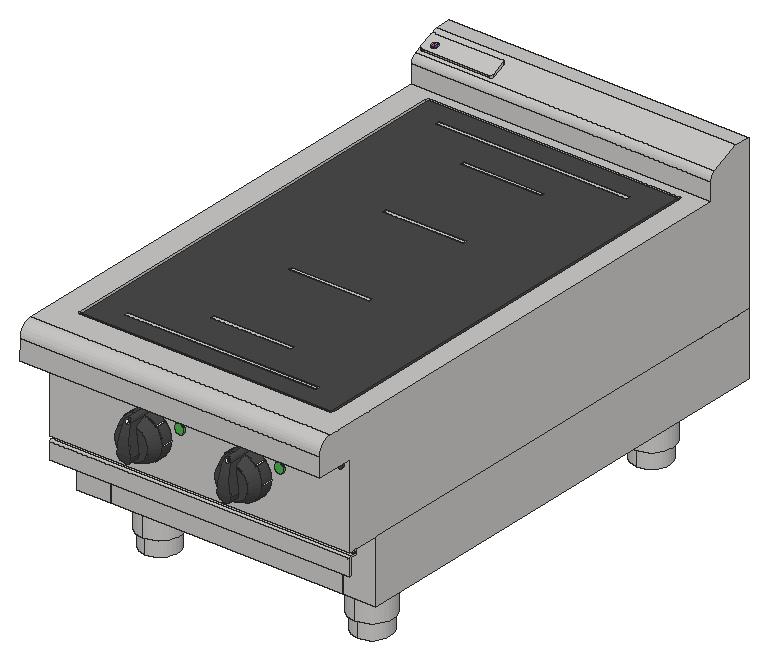
Revit family "QF_Moffat_INL8200F-B_Induction_Cooktop_cat", category Specialty Equipment, Revit 2019
Family settings
  Round Connector Dimension = Use Diameter
  Part Type = Normal
  Work Plane-Based = No
  Always vertical = Yes
  Cut with Voids When Loaded = No
  Shared = No
  Room Calculation Point = No
Parameters (values of type "INL8200F-B_415/60/3")
  Weight in Kilograms = 88
  Watts = 10000 W
  Volts = 415 V
  URL Cutsheet = ""
  Specification by User = ""
  Specification by Manufacturer = ""
  Show Logo [instance] = yes
  Serial Number = ""
  Seismic Rating = ""
  SMACNA No = ""
  Revision Code = ""
  Phase = 3
  Number of Poles = 1
  NAFEM Spec ID Number = ""
  Model = "INL8200F-B"
  Min Ckt Ampacity = 0 A
  Max Overcurrent Protection = 0 A
  Masterspec = ""
  Manufacturer = "Moffat"
  Length = 450 mm
  Item Number = ""
  Installed By = ""
  Identify Quantity as Lot = yes
  Height = 410 mm
  HP = ""
  Furnished By = ""
  Foodservice Equipment Identifier = yes
  FL Amps = 14 A
  Electrical Remarks = ""
  Electric Connection Type = ""
  Elec Conn RI Height = 0 mm
  Elec Conn Connection Height = 0 mm
  Description = "Induction Cooktop"
  Depth = 805 mm
  Cycle = 60 Hz
  Conn Plug = ""
  Conn Conduit = yes
  CSI MasterFormat = ""
  Apparent Power = if(Phase = 3, Volts * FL Amps * 1.73, Volts * FL Amps)  # 10051.3 VA
Types (2, lengths in mm): name | Volts | Cycle | Apparent Power
  INL8200F-B_415/60/3 | 415 V | 60 Hz | 10051.3 VA
  INL8200F-B_400/50/3 | 400 V | 50 Hz | 9688 VA
Reference planes
  plane 1 "BACK": y = 0
  plane 2: z = 0
  plane 3 "LEFT": x = 0
  plane 4 "RIGHT": x = 450
  plane 5 "FRONT": y = -805
  plane 6 "TOP": z = 410
  plane 7 "Center Y": x = 225
  plane 8 "Center X": y = -402.5
  plane 9: x = 65.5
  plane 10: x = 384.5
  plane 11: y = -30
  plane 12: x = 320
  plane 13: z = 85
  plane 14: y = -100
  plane 15: y = -625
  plane 16: y = -70
  plane 17: z = 355
  plane 18: z = 75
Forms (mm)
  Extrusion 1, solid, material "QF_Metal_Stainless_Polished"
    sketch origin (0, 0, 0) x (0, 1, 0) y (0, 0, 1)
      loop
        line (0, 180) -> (0, 410) -> (-23.147, 410) -> (-62.316, 393.374)
        arc (-62.316, 393.374) -> (-67.905, 388.725) -> (-70, 381.764) r 12.612
        line (-70, 381.764) -> (-70, 355) -> (-784.417, 355)
        arc (-784.417, 355) -> (-798.971, 348.971) -> (-805, 334.417) r 20.583
        line (-805, 334.417) -> (-805, 305) -> (-749, 305) -> (-749, 180) -> (0, 180)
    from 0 to 450
  Extrusion 2, void
    sketch origin (0, -784.417, 355) x (0, 1, 0) y (-1, 0, 0)
      loop
        arc (699.588, -42.349) -> (697.83, -38.106) -> (693.588, -36.349) r 6
        line (693.588, -36.349) -> (45.492, -36.349)
        arc (45.492, -36.349) -> (41.249, -38.106) -> (39.492, -42.349) r 6
        line (39.492, -42.349) -> (39.492, -413.677)
        arc (39.492, -413.677) -> (41.249, -417.92) -> (45.492, -419.677) r 6
        line (45.492, -419.677) -> (693.588, -419.677)
        arc (693.588, -419.677) -> (697.83, -417.92) -> (699.588, -413.677) r 6
        line (699.588, -413.677) -> (699.588, -42.349)
    from 0 to -9.5
  Extrusion 3, solid, material "QF_Plastic_Black_Smooth"
    sketch origin (0, -784.417, 355) x (0, 1, 0) y (-1, 0, 0)
      loop
        line (695.588, -413.677) -> (695.588, -42.349)
        arc (695.588, -42.349) -> (695.002, -40.935) -> (693.588, -40.349) r 2
        line (693.588, -40.349) -> (45.492, -40.349)
        arc (45.492, -40.349) -> (44.078, -40.935) -> (43.492, -42.349) r 2
        line (43.492, -42.349) -> (43.492, -413.677)
        arc (43.492, -413.677) -> (44.078, -415.091) -> (45.492, -415.677) r 2
        line (45.492, -415.677) -> (693.588, -415.677)
        arc (693.588, -415.677) -> (695.002, -415.091) -> (695.588, -413.677) r 2
      loop
        line (663.691, -368.576) -> (663.691, -81.424) -> (657.691, -81.424) -> (657.691, -368.576) -> (663.691, -368.576)
      loop
        line (600.917, -165) -> (600.917, -285) -> (606.917, -285) -> (606.917, -165) -> (600.917, -165)
      loop
        line (454.667, -165) -> (454.667, -285) -> (460.667, -285) -> (460.667, -165) -> (454.667, -165)
      loop
        line (277.974, -165) -> (277.974, -285) -> (283.974, -285) -> (283.974, -165) -> (277.974, -165)
      loop
        line (79.085, -368.576) -> (79.085, -81.424) -> (73.085, -81.424) -> (73.085, -368.576) -> (79.085, -368.576)
      loop
        line (130.651, -165) -> (130.651, -285) -> (136.651, -285) -> (136.651, -165) -> (130.651, -165)
    from 0 to -9.5
  Extrusion 4, solid, material "QF_Metal_Stainless_Polished"
    sketch origin (0, 0, 40) x (0, 1, 0) y (0, 0, 1)
      loop
        line (-739.467, 140) -> (-738.192, 134.838)
        arc (-738.192, 134.838) -> (-738.307, 134.302) -> (-738.799, 134.063) r 0.625
        line (-738.799, 134.063) -> (-746.111, 134.063)
        arc (-746.111, 134.063) -> (-748.011, 133.276) -> (-748.797, 131.377) r 2.686
        line (-748.797, 131.377) -> (-748.797, 107.627) -> (-747.197, 107.627) -> (-747.197, 131.242)
        arc (-747.197, 131.242) -> (-746.84, 132.105) -> (-745.976, 132.463) r 1.221
        line (-745.976, 132.463) -> (-738.755, 132.463)
        arc (-738.755, 132.463) -> (-737.028, 133.304) -> (-736.625, 135.182) r 2.194
        line (-736.625, 135.182) -> (-737.815, 140) -> (-739.467, 140)
    from 0 to 450
  Extrusion 5, solid, material "QF_Plastic_Black_Smooth"
    sketch origin (0, -749, 181.875) x (0, 0, 1) y (-1, 0, 0)
      loop
        circle (112.843, -13.157) r 5
      loop
        circle (112.843, -436.843) r 5
    from 0 to 1.6
  Extrusion 6, solid, material "QF_Metal_Stainless_Polished"
    sketch origin (0, -699, 85) x (0, 1, 0) y (1, 0, 0)
      loop
        circle (669, 320) r 6.35
    from 0 to 10
  Extrusion 7, solid, material "QF_Metal_Stainless_Polished"
    sketch origin (0, -699, 85) x (1, 0, 0) y (0, -1, 0)
      loop
        line (0, -699) -> (450, -699) -> (450, 0) -> (399.2, 0) -> (399.2, -25.4) -> (50.8, -25.4) -> (50.8, 0) -> (0, 0) -> (0, -699)
    from 0 to -95
  Extrusion 8, solid, material "QF_Metal_Stainless_Polished"
    sketch origin (50.8, -30, 85) x (0, 1, 0) y (0, 0, 1)
      loop
        line (-669, 0) -> (-643.6, 0) -> (-643.6, 26.45) -> (-669, 26.45) -> (-669, 0)
      loop
        line (-669, 32.45) -> (-643.6, 32.45) -> (-643.6, 66.4) -> (-669, 66.4) -> (-669, 32.45)
      loop
        line (-669, 67.4) -> (-643.6, 67.4) -> (-643.6, 95) -> (-669, 95) -> (-669, 67.4)
    from 0 to 348.4
  Revolve 9, solid, material "QF_Metal_Stainless_Polished"
    sketch origin (65.5, -4572, -304.8) x (0, 0, -1) y (0, -1, 0)
      loop
        line (-304.8, -4499.5) -> (-304.8, -4472) -> (-389.8, -4472) -> (-389.8, -4503.75) -> (-329.8, -4503.75) -> (-329.8, -4499.5) -> (-304.8, -4499.5)
      axis (-389.8, -4472) -> (-304.8, -4472)
    angle from 0 to 360
  Revolve 10, solid, material "QF_Metal_Stainless_Polished"
    sketch origin (65.5, -4572, -304.8) x (0, 0, -1) y (0, -1, 0)
      loop
        line (-304.8, -3974.5) -> (-304.8, -3947) -> (-389.8, -3947) -> (-389.8, -3978.75) -> (-329.8, -3978.75) -> (-329.8, -3974.5) -> (-304.8, -3974.5)
      axis (-389.8, -3947) -> (-304.8, -3947)
    angle from 0 to 360
  Revolve 11, solid, material "QF_Metal_Stainless_Polished"
    sketch origin (384.5, -4572, -304.8) x (0, 0, -1) y (0, 1, 0)
      loop
        line (-304.8, 4499.5) -> (-329.8, 4499.5) -> (-329.8, 4503.75) -> (-389.8, 4503.75) -> (-389.8, 4472) -> (-304.8, 4472) -> (-304.8, 4499.5)
      axis (-389.8, 4472) -> (-304.8, 4472)
    angle from 0 to 360
  Revolve 12, solid, material "QF_Metal_Stainless_Polished"
    sketch origin (384.5, -4572, -304.8) x (0, 0, -1) y (0, 1, 0)
      loop
        line (-304.8, 3974.5) -> (-329.8, 3974.5) -> (-329.8, 3978.75) -> (-389.8, 3978.75) -> (-389.8, 3947) -> (-304.8, 3947) -> (-304.8, 3974.5)
      axis (-389.8, 3947) -> (-304.8, 3947)
    angle from 0 to 360
  Extrusion 13, solid, material "QF_Metal_Stainless_Polished"
    sketch origin (0, 0, 0) x (1, 0, 0) y (0, 1, 0)
      loop
        line (368.576, -126.726) -> (368.576, -120.726) -> (81.424, -120.726) -> (81.424, -126.726) -> (368.576, -126.726)
      loop
        line (285, -183.5) -> (285, -177.5) -> (165, -177.5) -> (165, -183.5) -> (285, -183.5)
      loop
        line (285, -329.75) -> (285, -323.75) -> (165, -323.75) -> (165, -329.75) -> (285, -329.75)
      loop
        line (165, -500.443) -> (165, -506.443) -> (285, -506.443) -> (285, -500.443) -> (165, -500.443)
      loop
        line (165, -647.766) -> (165, -653.766) -> (285, -653.766) -> (285, -647.766) -> (165, -647.766)
      loop
        line (81.424, -705.333) -> (81.424, -711.333) -> (368.576, -711.333) -> (368.576, -705.333) -> (81.424, -705.333)
    from 355 to 345.5
  Extrusion 14, solid, material "QF_Paint_Green"
    sketch origin (63.231, -748.999, 157.5) x (0, 0, 1) y (-1, 0, 0)
      loop
        circle (100.3, -282.5) r 7.15
    from 0 to 1.6
  Extrusion 15, solid, material "QF_Plastic_Black_Smooth"
    sketch origin (75, -748.999, 169.375) x (0, 0, 1) y (-1, 0, 0)
      loop
        circle (112.843, -225) r 5
    from 0 to 1.6
  Extrusion 16, solid, material "QF_Paint_Green"
    sketch origin (-86.769, -748.999, 157.5) x (0, 0, 1) y (-1, 0, 0)
      loop
        circle (100.3, -282.5) r 7.15
    from 0 to 1.6
  Extrusion 17, solid, material "QF_Plastic_Black_Smooth"
    sketch origin (-75, -748.999, 169.375) x (0, 0, 1) y (-1, 0, 0)
      loop
        circle (112.843, -225) r 5
    from 0 to 1.6
Cuts and joins
  Extrusion 2 cuts Extrusion 1
Lines and regions (mm)
  symbolic lines
    curve 1: line (0, 0, 0) -> (450, 0, 0)
    curve 2: line (0, -805, 0) -> (0, 0, 0)
    curve 3: line (450, -805, 0) -> (0, -805, 0)
    curve 4: line (450, 0, 0) -> (450, -805, 0)
    curve 5: line (0, -70, 0) -> (450, -70, 0)
    curve 6: line (42.349, -84.83, 0) -> (413.677, -84.83, 0)
    curve 7: arc (413.677, -84.83, 0) -> (417.92, -86.587, 0) -> (419.677, -90.83, 0) r 6
    curve 8: line (419.677, -90.83, 0) -> (419.677, -738.926, 0)
    curve 9: arc (419.677, -738.926, 0) -> (417.92, -743.168, 0) -> (413.677, -744.926, 0) r 6
    curve 10: line (413.677, -744.926, 0) -> (42.349, -744.926, 0)
    curve 11: arc (42.349, -744.926, 0) -> (38.106, -743.168, 0) -> (36.349, -738.926, 0) r 6
    curve 12: line (36.349, -738.926, 0) -> (36.349, -90.83, 0)
    curve 13: arc (36.349, -90.83, 0) -> (38.106, -86.587, 0) -> (42.349, -84.83, 0) r 6
    curve 14: line (413.677, -88.83, 0) -> (42.349, -88.83, 0)
    curve 15: arc (42.349, -88.83, 0) -> (40.935, -89.415, 0) -> (40.349, -90.83, 0) r 2
    curve 16: line (40.349, -90.83, 0) -> (40.349, -738.926, 0)
    curve 17: arc (40.349, -738.926, 0) -> (40.935, -740.34, 0) -> (42.349, -740.926, 0) r 2
    curve 18: line (42.349, -740.926, 0) -> (413.677, -740.926, 0)
    curve 19: arc (413.677, -740.926, 0) -> (415.091, -740.34, 0) -> (415.677, -738.926, 0) r 2
    curve 20: line (415.677, -738.926, 0) -> (415.677, -90.83, 0)
    curve 21: arc (415.677, -90.83, 0) -> (415.091, -89.415, 0) -> (413.677, -88.83, 0) r 2
    curve 22: line (0, -23.147, 0) -> (450, -23.147, 0)
    curve 23: line (81.424, -711.333, 0) -> (368.576, -711.333, 0)
    curve 24: line (368.576, -711.333, 0) -> (368.576, -705.333, 0)
    curve 25: line (368.576, -705.333, 0) -> (81.424, -705.333, 0)
    curve 26: line (81.424, -705.333, 0) -> (81.424, -711.333, 0)
    curve 27: line (165, -653.766, 0) -> (285, -653.766, 0)
    curve 28: line (285, -653.766, 0) -> (285, -647.766, 0)
    curve 29: line (285, -647.766, 0) -> (165, -647.766, 0)
    curve 30: line (165, -647.766, 0) -> (165, -653.766, 0)
    curve 31: line (165, -500.443, 0) -> (285, -500.443, 0)
    curve 32: line (285, -506.443, 0) -> (165, -506.443, 0)
    curve 33: line (165, -506.443, 0) -> (165, -500.443, 0)
    curve 34: line (285, -500.443, 0) -> (285, -506.443, 0)
    curve 35: line (285, -323.75, 0) -> (165, -323.75, 0)
    curve 36: line (165, -323.75, 0) -> (165, -329.75, 0)
    curve 37: line (165, -329.75, 0) -> (285, -329.75, 0)
    curve 38: line (285, -329.75, 0) -> (285, -323.75, 0)
    curve 39: line (165, -183.5, 0) -> (285, -183.5, 0)
    curve 40: line (285, -183.5, 0) -> (285, -177.5, 0)
    curve 41: line (285, -177.5, 0) -> (165, -177.5, 0)
    curve 42: line (165, -177.5, 0) -> (165, -183.5, 0)
    curve 43: line (81.424, -126.726, 0) -> (368.576, -126.726, 0)
    curve 44: line (368.576, -126.726, 0) -> (368.576, -120.726, 0)
    curve 45: line (368.576, -120.726, 0) -> (81.424, -120.726, 0)
    curve 46: line (81.424, -120.726, 0) -> (81.424, -126.726, 0)
Dimensions and locks
  equal spacing: plane 3 "LEFT", plane 7 "Center Y", plane 4 "RIGHT"
  "Length": plane 3 "LEFT" to plane 4 "RIGHT"
  equal spacing: plane 5 "FRONT", plane 8 "Center X", plane 1 "BACK"
  "Depth": plane 5 "FRONT" to plane 1 "BACK"
  "Height": plane 6 "TOP" to level
  plane 9 to plane 10 = 319 mm
  plane 4 "RIGHT" to plane 3 "LEFT" = 450 mm
  plane 1 "BACK" to plane 5 "FRONT" = 805 mm
  plane 6 "TOP" to plane 2 = 410 mm
  locked: plane 12 to plane 4 "RIGHT" at 130
  plane 1 "BACK" to plane 11 = 30 mm
  plane 1 "BACK" to plane 14 to plane 15 = 100 mm, 525 mm
  plane 1 "BACK" to plane 16 = 70 mm
  plane 17 to level = 355 mm
  level to plane 13 = 85 mm
  plane 18 to level = 75 mm
  plane 12 to plane 4 "RIGHT" = 130 mm
  aligned and locked: level to plane 2
  aligned and locked: Extrusion 3 to Extrusion 13
Automatic sketch dimensions
  Extrusion 2 sketch curve to Extrusion 1 = 39.492 mm
  Extrusion 2 sketch curve to Extrusion 2 sketch curve = 6 mm  (x3)
  Extrusion 1 to Extrusion 2 sketch curve = 20.83 mm  (x2)
  Extrusion 1 to Extrusion 2 sketch curve = 30.323 mm
  Extrusion 1 to Extrusion 2 sketch curve = 42.349 mm
  Extrusion 3 sketch curve to Extrusion 1 = 43.492 mm
  Extrusion 3 sketch curve to Extrusion 3 sketch curve = 2 mm  (x3)
  Extrusion 3 sketch curve to Extrusion 3 sketch curve = 27.593 mm
  Extrusion 3 sketch curve to Extrusion 3 sketch curve = 6 mm  (x6)
  Extrusion 3 sketch curve to Extrusion 3 sketch curve = 51.566 mm
  Extrusion 3 sketch curve to Extrusion 3 sketch curve = 141.323 mm
  Extrusion 3 sketch curve to Extrusion 3 sketch curve = 170.693 mm
  Extrusion 1 to Extrusion 3 sketch curve = 113.5 mm
  Extrusion 1 to Extrusion 3 sketch curve = 56.726 mm
  Extrusion 1 to Extrusion 3 sketch curve = 20.83 mm  (x2)
  Extrusion 1 to Extrusion 3 sketch curve = 34.323 mm
  Extrusion 3 sketch curve to Extrusion 3 sketch curve = 45.101 mm  (x2)
  Extrusion 1 to Extrusion 3 sketch curve = 165 mm  (x2)
  Extrusion 3 sketch curve to Extrusion 3 sketch curve = 83.576 mm  (x2)
  Extrusion 3 sketch curve to Extrusion 3 sketch curve = 120 mm  (x4)
  Extrusion 1 to Extrusion 3 sketch curve = 81.424 mm  (x2)
  Extrusion 1 to Extrusion 3 sketch curve = 42.349 mm
  Extrusion 4 sketch curve to plane 5 "FRONT" = 56.203 mm
  Extrusion 4 sketch curve to Extrusion 4 sketch curve = 1.6 mm
  Extrusion 4 sketch curve to Extrusion 4 sketch curve = 1.086 mm
  Extrusion 4 sketch curve to Extrusion 4 sketch curve = 0.135 mm  (x2)
  Extrusion 4 sketch curve to Extrusion 4 sketch curve = 6.644 mm
  Extrusion 4 sketch curve to Extrusion 4 sketch curve = 0.668 mm
  Extrusion 4 sketch curve to Extrusion 4 sketch curve = 0.044 mm
  Extrusion 4 sketch curve to Extrusion 4 sketch curve = 0.563 mm
  Extrusion 4 sketch curve to Extrusion 4 sketch curve = 1.652 mm
  Extrusion 4 sketch curve to Extrusion 4 sketch curve = 1.567 mm
  Extrusion 4 sketch curve to plane 13 = 62.627 mm
  Extrusion 4 sketch curve to Extrusion 4 sketch curve = 23.614 mm
  Extrusion 4 sketch curve to Extrusion 4 sketch curve = 0.594 mm
  Extrusion 4 sketch curve to Extrusion 4 sketch curve = 0.032 mm
  Extrusion 4 sketch curve to Extrusion 4 sketch curve = 5.162 mm
  Extrusion 1 to Extrusion 5 sketch curve = 10.282 mm  (x2)
  Extrusion 1 to Extrusion 5 sketch curve = 13.157 mm  (x2)
  Extrusion 7 to Extrusion 6 sketch curve = 30 mm
  Extrusion 6 sketch curve to Extrusion 7 = 79.2 mm
  plane 1 "BACK" to Extrusion 7 sketch curve = 0 mm
  Extrusion 7 sketch curve to plane 3 "LEFT" = 0 mm
  Extrusion 7 sketch curve to plane 4 "RIGHT" = 0 mm
  plane 9 to Extrusion 7 sketch curve = 14.7 mm
  Extrusion 7 sketch curve to plane 10 = 14.7 mm
  plane 15 to Extrusion 7 sketch curve = 48.6 mm
  Extrusion 7 sketch curve to Extrusion 7 sketch curve = 25.4 mm  (x2)
  Extrusion 8 sketch curve to Extrusion 7 = 0 mm  (x8)
  Extrusion 7 to Extrusion 8 sketch curve = 26.45 mm
  Extrusion 8 sketch curve to Extrusion 8 sketch curve = 6 mm
  Extrusion 7 to Extrusion 8 sketch curve = 28.6 mm
  Extrusion 8 sketch curve to Extrusion 8 sketch curve = 1 mm
  plane 13 to Revolve 9 sketch curve = 0 mm
  Revolve 9 sketch curve to level = 0 mm  (x2)
  Revolve 9 sketch curve to plane 14 = 0 mm  (x2)
  plane 16 to Revolve 9 sketch curve = 2.5 mm
  level to Revolve 9 sketch curve = 25 mm
  Revolve 9 sketch curve to plane 16 = 1.75 mm
  Revolve 9 sketch curve to Revolve 9 sketch curve = 25 mm
  plane 13 to Revolve 10 sketch curve = 0 mm
  Revolve 10 sketch curve to level = 0 mm  (x2)
  Revolve 10 sketch curve to plane 15 = 0 mm  (x2)
  level to Revolve 10 sketch curve = 25 mm
  Revolve 10 sketch curve to Revolve 10 sketch curve = 27.5 mm
  Revolve 10 sketch curve to Revolve 10 sketch curve = 31.75 mm
  Revolve 10 sketch curve to Revolve 10 sketch curve = 25 mm
  plane 13 to Revolve 11 sketch curve = 0 mm
  Revolve 11 sketch curve to level = 0 mm  (x2)
  Revolve 11 sketch curve to plane 14 = 0 mm  (x2)
  plane 16 to Revolve 11 sketch curve = 2.5 mm
  level to Revolve 11 sketch curve = 25 mm
  Revolve 11 sketch curve to plane 16 = 1.75 mm
  Revolve 11 sketch curve to Revolve 11 sketch curve = 25 mm
  plane 13 to Revolve 12 sketch curve = 0 mm
  Revolve 12 sketch curve to level = 0 mm  (x2)
  Revolve 12 sketch curve to plane 15 = 0 mm  (x2)
  level to Revolve 12 sketch curve = 25 mm
  Revolve 12 sketch curve to plane 15 = 27.5 mm
  Revolve 12 sketch curve to Revolve 12 sketch curve = 4.25 mm
  Revolve 12 sketch curve to Revolve 12 sketch curve = 25 mm
  Extrusion 13 sketch curve to plane 9 = 15.924 mm  (x2)
  plane 15 to Extrusion 13 sketch curve = 22.766 mm
  Extrusion 13 sketch curve to plane 7 "Center Y" = 60 mm  (x4)
  plane 12 to Extrusion 13 sketch curve = 35 mm  (x4)
  plane 10 to Extrusion 13 sketch curve = 15.924 mm  (x2)
  Extrusion 13 sketch curve to Extrusion 13 sketch curve = 6 mm  (x6)
  plane 15 to Extrusion 13 sketch curve = 80.333 mm
  Extrusion 13 sketch curve to plane 8 "Center X" = 103.943 mm
  plane 8 "Center X" to Extrusion 13 sketch curve = 72.75 mm
  plane 14 to Extrusion 13 sketch curve = 83.5 mm
  plane 14 to Extrusion 13 sketch curve = 26.726 mm
  Extrusion 14 sketch curve to plane 12 = 25.731 mm
  Extrusion 14 sketch curve to plane 17 = 97.2 mm
  plane 12 to Extrusion 15 sketch curve = 20 mm
  Extrusion 15 sketch curve to plane 17 = 72.782 mm
  Extrusion 16 sketch curve to plane 7 "Center Y" = 29.269 mm
  Extrusion 16 sketch curve to plane 17 = 97.2 mm
  Extrusion 17 sketch curve to plane 17 = 72.782 mm
  Extrusion 17 sketch curve to plane 7 "Center Y" = 75 mm
  Extrusion 1 sketch curve to plane 5 "FRONT" = 0 mm
  Extrusion 1 sketch curve to plane 17 = 0 mm
  Extrusion 1 sketch curve to plane 16 = 0 mm
  Extrusion 1 sketch curve to plane 6 "TOP" = 0 mm
  Extrusion 1 sketch curve to plane 1 "BACK" = 0 mm
  Extrusion 1 sketch curve to Extrusion 1 sketch curve = 20.583 mm
  Extrusion 1 sketch curve to Extrusion 1 sketch curve = 35.417 mm
  Extrusion 1 sketch curve to plane 16 = 7.684 mm
  Extrusion 1 sketch curve to Extrusion 1 sketch curve = 12.612 mm
  Extrusion 1 sketch curve to plane 11 = 6.853 mm
  Extrusion 1 sketch curve to Extrusion 1 sketch curve = 29.417 mm
  Extrusion 1 sketch curve to plane 13 = 95 mm
  plane 17 to Extrusion 1 sketch curve = 26.764 mm
  curve 7 to curve 21 = 0 mm  (x2)
  curve 9 to curve 19 = 0 mm  (x2)
  curve 11 to curve 17 = 0 mm  (x2)
  curve 13 to curve 15 = 0 mm  (x2)
  plane 1 "BACK" to curve 1 = 0 mm
  curve 1 to plane 3 "LEFT" = 0 mm
  curve 1 to plane 4 "RIGHT" = 0 mm
  plane 5 "FRONT" to curve 4 = 0 mm
  plane 16 to curve 5 = 0 mm
  plane 9 to curve 12 = 29.151 mm
  curve 11 to curve 16 = 4 mm
  curve 16 to curve 14 = 2 mm
  curve 17 to curve 17 = 2 mm
  curve 43 to plane 9 = 15.924 mm
  curve 23 to plane 9 = 15.924 mm
  curve 33 to plane 7 "Center Y" = 60 mm
  plane 15 to curve 27 = 28.766 mm
  curve 27 to plane 7 "Center Y" = 60 mm
  curve 41 to plane 7 "Center Y" = 60 mm
  curve 37 to plane 7 "Center Y" = 60 mm
  plane 12 to curve 35 = 35 mm
  plane 12 to curve 34 = 35 mm
  plane 12 to curve 39 = 35 mm
  plane 12 to curve 27 = 35 mm
  plane 10 to curve 44 = 15.924 mm
  plane 10 to curve 25 = 15.924 mm
  curve 7 to plane 14 = 9.17 mm
  curve 7 to plane 10 = 29.177 mm
  curve 9 to plane 10 = 29.177 mm
  curve 9 to curve 20 = 2 mm
  curve 10 to plane 5 "FRONT" = 60.074 mm
  curve 11 to curve 26 = 27.593 mm
  curve 23 to curve 25 = 6 mm
  curve 27 to curve 30 = 6 mm
  curve 32 to plane 8 "Center X" = 103.943 mm
  curve 32 to curve 31 = 6 mm
  plane 8 "Center X" to curve 38 = 72.75 mm
  curve 36 to curve 36 = 6 mm
  plane 14 to curve 39 = 83.5 mm
  curve 39 to curve 42 = 6 mm
  plane 14 to curve 44 = 26.726 mm
  curve 43 to curve 44 = 6 mm
  curve 22 to plane 11 = 6.853 mm
  radius of Extrusion 5 sketch curve = 5 mm  (x2)
  radius of Extrusion 6 sketch curve = 6.35 mm
  radius of Extrusion 14 sketch curve = 7.15 mm
  radius of Extrusion 15 sketch curve = 5 mm
  radius of Extrusion 16 sketch curve = 7.15 mm
  radius of Extrusion 17 sketch curve = 5 mm
Nested families
  nested 1: "Knob" at (267.5, -739.499, 204.5), type "Knob"
  nested 2: "Knob" at (117.5, -739.499, 204.5), type "Knob"
  nested 3: "QF_LOGO_Waldorf1" at (2, -56.925, 395.662), visible <- "Show Logo", type "QF_LOGO_Waldorf 2"
Connectors
  electrical at (320, -30, 75), driven by "Volts", driven by "Watts"
    settings: on Extrusion 6, index 3, voltage 415 V, apparent load 10000 VA, apparent load phase1 0 VA, apparent load phase2 0 VA, apparent load phase3 0 VA, power factor 1, load classification "Other", number of poles 1, system type 30, power factor state 1, is connector primary yes, connector utility no, sub classification motor no, connector description ""
Definition of nested family "Knob"
  Parameters (values of type "Knob")
    Weight in Pounds = 0
    URL Cutsheet = ""
    Specification by User = ""
    Specification by Manufacturer = ""
    Serial Number = ""
    Seismic Rating = ""
    SMACNA No = ""
    Revision Code = ""
    NAFEM Spec ID Number = ""
    Masterspec = ""
    Length = 65 mm
    Item Number = ""
    Installed By = ""
    Identify Quantity as Lot = yes
    Height = 69.5 mm
    Furnished By = ""
    Foodservice Equipment Identifier = yes
    Depth = 59 mm
    CSI MasterFormat = ""
  Reference planes
    plane 1 "BACK": y = 0
    plane 2: z = 0
    plane 3 "LEFT": x = 0
    plane 4 "RIGHT": x = 65
    plane 5 "FRONT": y = -59
    plane 6 "TOP": z = 69.5
    plane 7 "Center Y": x = 32.5
    plane 8 "Center X": y = -29.5
  Forms (mm)
    Revolve 1, solid
      sketch origin (32.5, 175.397, 1219.2) x (0, 1, 0) y (0, 0, 1)
        loop
          line (-175.397, -1186.7) -> (-219.397, -1186.7) -> (-219.397, -1211.501) -> (-202.106, -1219.2) -> (-185.397, -1219.2) -> (-185.397, -1191.7) -> (-175.397, -1191.7) -> (-175.397, -1186.7)
        axis (-219.397, -1186.7) -> (-175.397, -1186.7)
      angle from 0 to 360
    Extrusion 2, solid
      sketch origin (32.5, 175.397, 1219.2) x (0, 1, 0) y (0, 0, 1)
        loop
          line (-202.106, -1154.2) -> (-185.397, -1154.2) -> (-185.397, -1149.7) -> (-224.105, -1149.7)
          arc (-224.105, -1149.7) -> (-233.965, -1178.467) -> (-230.696, -1208.7) r 70
          line (-230.696, -1208.7) -> (-219.397, -1208.7) -> (-219.397, -1161.899) -> (-202.106, -1154.2)
      from -15 to 15
    Extrusion 3, void
      sketch origin (0, 0, 0) x (1, 0, 0) y (0, 0, 1)
        loop
          line (27.501, 64.613) -> (22.02, 20.585)
          arc (22.02, 20.585) -> (32.792, 10.488) -> (42.986, 21.169) r 10.487
          line (42.986, 21.169) -> (37.499, 64.613)
          arc (37.499, 64.613) -> (32.5, 69.5) -> (27.501, 64.613) r 5
        loop
          line (10, 72.977) -> (10, 5.625) -> (55, 5.625) -> (55, 72.977) -> (10, 72.977)
      from 6.142 to 69.687
    Extrusion 4, solid
      sketch origin (0, -34.115, -16.916) x (1, 0, 0) y (0, 0.45399, 0.891007)
        loop
          circle (32.497, 65) r 2
      from 51.525 to 53.075
    Extrusion 5, solid
      sketch origin (32.5, -10, 32.5) x (0, 0, -1) y (-1, 0, 0)
        loop
          line (-23.54, -22.408) -> (-24.106, -22.974)
          arc (-24.106, -22.974) -> (-23.547, -23.547) -> (-22.974, -24.106) r 33.3
          line (-22.974, -24.106) -> (-22.408, -23.54)
          arc (-22.408, -23.54) -> (-22.981, -22.981) -> (-23.54, -22.408) r 32.5
        loop
          arc (-0.8, -33.29) -> (0, -33.3) -> (0.8, -33.29) r 33.3
          line (0.8, -33.29) -> (0.8, -32.49)
          arc (0.8, -32.49) -> (0, -32.5) -> (-0.8, -32.49) r 32.5
          line (-0.8, -32.49) -> (-0.8, -33.29)
        loop
          arc (23.54, -22.408) -> (22.981, -22.981) -> (22.408, -23.54) r 32.5
          line (22.408, -23.54) -> (22.974, -24.106)
          arc (22.974, -24.106) -> (23.547, -23.547) -> (24.106, -22.974) r 33.3
          line (24.106, -22.974) -> (23.54, -22.408)
        loop
          arc (-23.54, 22.408) -> (-22.981, 22.981) -> (-22.408, 23.54) r 32.5
          line (-22.408, 23.54) -> (-22.974, 24.106)
          arc (-22.974, 24.106) -> (-23.547, 23.547) -> (-24.106, 22.974) r 33.3
          line (-24.106, 22.974) -> (-23.54, 22.408)
        loop
          line (-0.8, 33.29) -> (-0.8, 32.49)
          arc (-0.8, 32.49) -> (0, 32.5) -> (0.8, 32.49) r 32.5
          line (0.8, 32.49) -> (0.8, 33.29)
          arc (0.8, 33.29) -> (0, 33.3) -> (-0.8, 33.29) r 33.3
        loop
          line (32.49, -0.8) -> (33.29, -0.8)
          arc (33.29, -0.8) -> (33.3, 0) -> (33.29, 0.8) r 33.3
          line (33.29, 0.8) -> (32.49, 0.8)
          arc (32.49, 0.8) -> (32.5, 0) -> (32.49, -0.8) r 32.5
        loop
          arc (24.106, 22.974) -> (23.547, 23.547) -> (22.974, 24.106) r 33.3
          line (22.974, 24.106) -> (22.408, 23.54)
          arc (22.408, 23.54) -> (22.981, 22.981) -> (23.54, 22.408) r 32.5
          line (23.54, 22.408) -> (24.106, 22.974)
      from 0 to -16.709
  Cuts and joins
    Extrusion 3 cuts Extrusion 2
  Dimensions and locks
    equal spacing: plane 3 "LEFT", plane 7 "Center Y", plane 4 "RIGHT"
    "Length": plane 3 "LEFT" to plane 4 "RIGHT"
    equal spacing: plane 5 "FRONT", plane 8 "Center X", plane 1 "BACK"
    "Depth": plane 5 "FRONT" to plane 1 "BACK"
    "Height": plane 6 "TOP" to level
    plane 4 "RIGHT" to plane 3 "LEFT" = 65 mm
    aligned and locked: level to plane 2
  Automatic sketch dimensions
    Revolve 1 sketch curve to level = 0 mm
    Revolve 1 sketch curve to plane 1 "BACK" = 0 mm  (x2)
    plane 1 "BACK" to Revolve 1 sketch curve = 10 mm
    plane 8 "Center X" to Revolve 1 sketch curve = 2.791 mm
    Revolve 1 sketch curve to plane 8 "Center X" = 14.5 mm
    level to Revolve 1 sketch curve = 7.699 mm
    level to Revolve 1 sketch curve = 27.5 mm
    Revolve 1 sketch curve to Revolve 1 sketch curve = 5 mm
    Revolve 1 sketch curve to Revolve 1 sketch curve = 35 mm
    Revolve 1 sketch curve to Revolve 1 sketch curve = 0 mm
    Extrusion 2 sketch curve to plane 6 "TOP" = 0 mm
    Extrusion 2 sketch curve to plane 5 "FRONT" = 3.702 mm
    Extrusion 2 sketch curve to plane 5 "FRONT" = 10.293 mm
    Extrusion 2 sketch curve to Extrusion 2 sketch curve = 11.298 mm
    plane 8 "Center X" to Extrusion 2 sketch curve = 2.791 mm
    plane 1 "BACK" to Extrusion 2 sketch curve = 10 mm
    Extrusion 2 sketch curve to plane 1 "BACK" = 11 mm
    Extrusion 2 sketch curve to plane 6 "TOP" = 4.5 mm
    Extrusion 2 sketch curve to plane 6 "TOP" = 12.199 mm
    level to Extrusion 2 sketch curve = 32.962 mm
    level to Extrusion 3 sketch curve = 5.625 mm
    Extrusion 3 sketch curve to plane 7 "Center Y" = 0 mm  (x2)
    Extrusion 3 sketch curve to plane 7 "Center Y" = 4.999 mm
    Extrusion 3 sketch curve to plane 7 "Center Y" = 10.48 mm
    plane 6 "TOP" to Extrusion 3 sketch curve = 3.477 mm
    plane 3 "LEFT" to Extrusion 3 sketch curve = 10 mm
    Extrusion 3 sketch curve to plane 6 "TOP" = 4.887 mm
    Extrusion 3 sketch curve to Extrusion 3 sketch curve = 4.999 mm
    plane 7 "Center Y" to Extrusion 3 sketch curve = 10.486 mm
    level to Extrusion 3 sketch curve = 20.585 mm
    Extrusion 3 sketch curve to Extrusion 3 sketch curve = 0.387 mm
    Extrusion 3 sketch curve to Extrusion 3 sketch curve = 0.113 mm
    plane 4 "RIGHT" to Extrusion 3 sketch curve = 10 mm
    Extrusion 5 sketch curve to Revolve 1 = 32.49 mm
    Revolve 1 to Extrusion 5 sketch curve = 32.49 mm
    Extrusion 5 sketch curve to Revolve 1 = 23.54 mm  (x2)
    Revolve 1 to Extrusion 5 sketch curve = 23.54 mm  (x2)
    Extrusion 5 sketch curve to Revolve 1 = 24.106 mm  (x2)
    Revolve 1 to Extrusion 5 sketch curve = 24.106 mm  (x2)
    Revolve 1 to Extrusion 5 sketch curve = 22.408 mm  (x2)
    Extrusion 5 sketch curve to Revolve 1 = 22.408 mm  (x2)
    Revolve 1 to Extrusion 5 sketch curve = 22.974 mm  (x2)
    Extrusion 5 sketch curve to Revolve 1 = 22.974 mm  (x2)
    Extrusion 5 sketch curve to Extrusion 5 sketch curve = 1.6 mm  (x2)
    Revolve 1 to Extrusion 5 sketch curve = 0.8 mm
    Extrusion 5 sketch curve to Revolve 1 = 0.8 mm
    Extrusion 4 sketch curve to plane 7 "Center Y" = 0.003 mm
    radius of Extrusion 5 sketch curve to Revolve 1 = 0 mm  (x7)
    radius of Revolve 1 to Extrusion 5 sketch curve = 0.8 mm  (x7)
    radius of Extrusion 4 sketch curve = 2 mm
Definition of nested family "QF_LOGO_Waldorf1"
  Parameters (values of type "QF_LOGO_Waldorf")
    Weight in Pounds = 0
    URL Cutsheet = ""
    Specification by User = ""
    Specification by Manufacturer = ""
    Serial Number = ""
    Seismic Rating = ""
    SMACNA No = ""
    Revision Code = ""
    NAFEM Spec ID Number = ""
    Masterspec = ""
    Length = 138 mm
    Item Number = ""
    Installed By = ""
    Identify Quantity as Lot = yes
    Height = 26.711 mm
    Furnished By = ""
    Foodservice Equipment Identifier = yes
    Depth = 3.175 mm
    CSI MasterFormat = ""
  Reference planes
    plane 1 "BACK": y = 0
    plane 2: z = 0
    plane 3 "LEFT": x = 0
    plane 4 "RIGHT": x = 138
    plane 5 "FRONT": y = -3.175
    plane 6 "TOP": z = 26.711
    plane 7 "Center Y": x = 69
    plane 8 "Center X": y = -1.587
  Forms (mm)
    Extrusion 1, solid
      sketch origin (0, 0, 0) x (1, 0, 0) y (0, 0.920505, 0.390731)
        loop
          line (109, 3.464) -> (109, 23.247)
          spline (109, 23.247) -> (108.966, 23.699) -> (108.864, 24.143) -> (108.696, 24.572) -> (108.464, 24.979) -> (108.173, 25.355) -> (107.828, 25.696) -> (107.435, 25.995) -> (107, 26.247) -> (106.531, 26.447) -> (106.035, 26.593) -> (105.522, 26.681) -> (105, 26.711)
          line (105, 26.711) -> (4, 26.711)
          spline (4, 26.711) -> (3.478, 26.681) -> (2.965, 26.593) -> (2.469, 26.447) -> (2, 26.247) -> (1.565, 25.995) -> (1.172, 25.696) -> (0.827, 25.355) -> (0.536, 24.979) -> (0.304, 24.572) -> (0.136, 24.143) -> (0.034, 23.699) -> (0, 23.247)
          line (0, 23.247) -> (0, 3.464)
          spline (0, 3.464) -> (0.034, 3.012) -> (0.136, 2.568) -> (0.304, 2.138) -> (0.536, 1.732) -> (0.827, 1.355) -> (1.172, 1.015) -> (1.565, 0.716) -> (2, 0.464) -> (2.469, 0.264) -> (2.965, 0.118) -> (3.478, 0.03) -> (4, 0)
          line (4, 0) -> (105, 0)
          spline (105, 0) -> (105.522, 0.03) -> (106.035, 0.118) -> (106.531, 0.264) -> (107, 0.464) -> (107.435, 0.716) -> (107.828, 1.015) -> (108.173, 1.355) -> (108.464, 1.732) -> (108.696, 2.138) -> (108.864, 2.568) -> (108.966, 3.012) -> (109, 3.464)
        loop
          line (14.75, 7.005) -> (14.75, 15.654)
          arc (14.75, 15.654) -> (10.425, 11.329) -> (14.75, 7.005) r 4.325
        loop
          line (15.25, 15.654) -> (15.25, 7.005)
          arc (15.25, 7.005) -> (19.575, 11.329) -> (15.25, 15.654) r 4.325
      from 0 to 3.2
    Extrusion 2, solid
      sketch origin (0, 0, 0) x (1, 0, 0) y (0, 0.920505, 0.390731)
        loop
          line (15.25, 15.654) -> (15.25, 7.005)
          arc (15.25, 7.005) -> (19.575, 11.329) -> (15.25, 15.654) r 4.325
      from 0 to 3.2
    Extrusion 3, solid
      sketch origin (16.271, 0, 0) x (-1, 0, 0) y (0, -0.920505, -0.390731)
        loop
          arc (1.521, -15.654) -> (5.846, -11.329) -> (1.521, -7.005) r 4.325
          line (1.521, -7.005) -> (1.521, -15.654)
      from 0 to 3.2
  Lines and regions (mm)
    Split face 1
      outline origin (0, -1.25, 2.946) x (1, 0, 0) y (0, 0.920505, 0.390731)
        loop
          spline (22.129, 16.975) -> (22.389, 15.984) -> (22.649, 15.002) -> (22.91, 14.028) -> (23.172, 13.065) -> (23.433, 12.11) -> (23.695, 11.166) -> (23.956, 10.232) -> (24.218, 9.308) -> (24.479, 8.396) -> (24.74, 7.495) -> (25, 6.605) -> (25.26, 5.728)
          line (25.26, 5.728) -> (29.463, 5.728)
          spline (29.463, 5.728) -> (29.582, 6.252) -> (29.701, 6.78) -> (29.82, 7.313) -> (29.939, 7.85) -> (30.058, 8.391) -> (30.178, 8.936) -> (30.297, 9.485) -> (30.416, 10.038) -> (30.536, 10.594) -> (30.655, 11.155) -> (30.775, 11.719) -> (30.894, 12.287)
          spline (30.894, 12.287) -> (31.018, 11.719) -> (31.142, 11.155) -> (31.266, 10.594) -> (31.39, 10.038) -> (31.514, 9.485) -> (31.638, 8.936) -> (31.762, 8.391) -> (31.885, 7.85) -> (32.009, 7.313) -> (32.133, 6.78) -> (32.256, 6.252) -> (32.379, 5.728)
          line (32.379, 5.728) -> (36.51, 5.728)
          spline (36.51, 5.728) -> (36.766, 6.605) -> (37.023, 7.495) -> (37.28, 8.396) -> (37.538, 9.308) -> (37.795, 10.232) -> (38.053, 11.166) -> (38.311, 12.11) -> (38.569, 13.065) -> (38.826, 14.028) -> (39.083, 15.002) -> (39.34, 15.984) -> (39.597, 16.975)
          line (39.597, 16.975) -> (35.637, 16.975)
          spline (35.637, 16.975) -> (35.523, 16.334) -> (35.41, 15.697) -> (35.296, 15.063) -> (35.182, 14.433) -> (35.068, 13.807) -> (34.954, 13.185) -> (34.84, 12.566) -> (34.726, 11.952) -> (34.612, 11.342) -> (34.497, 10.737) -> (34.383, 10.135) -> (34.269, 9.538)
          spline (34.269, 9.538) -> (34.138, 10.135) -> (34.008, 10.737) -> (33.877, 11.342) -> (33.746, 11.952) -> (33.616, 12.566) -> (33.485, 13.185) -> (33.354, 13.807) -> (33.224, 14.433) -> (33.093, 15.063) -> (32.963, 15.697) -> (32.833, 16.334) -> (32.703, 16.975)
          line (32.703, 16.975) -> (29.247, 16.975)
          spline (29.247, 16.975) -> (29.111, 16.334) -> (28.974, 15.697) -> (28.837, 15.063) -> (28.7, 14.433) -> (28.562, 13.807) -> (28.425, 13.185) -> (28.288, 12.566) -> (28.15, 11.952) -> (28.013, 11.342) -> (27.875, 10.737) -> (27.738, 10.135) -> (27.6, 9.538)
          spline (27.6, 9.538) -> (27.483, 10.135) -> (27.366, 10.737) -> (27.249, 11.342) -> (27.132, 11.952) -> (27.015, 12.566) -> (26.897, 13.185) -> (26.78, 13.807) -> (26.663, 14.433) -> (26.546, 15.063) -> (26.43, 15.697) -> (26.313, 16.334) -> (26.196, 16.975)
          line (26.196, 16.975) -> (22.129, 16.975)
    Split face 2
      outline origin (0, -1.25, 2.946) x (1, 0, 0) y (0, 0.920505, 0.390731)
        loop
          line (51.449, 5.728) -> (51.035, 6.606) -> (51.035, 11.169)
          spline (51.035, 11.169) -> (50.686, 12.42) -> (50.176, 13.224) -> (49.51, 13.708) -> (48.693, 13.995) -> (47.747, 14.152) -> (46.698, 14.207) -> (45.579, 14.186) -> (44.419, 14.114) -> (43.279, 13.929) -> (42.249, 13.481) -> (41.424, 12.614) -> (40.897, 11.169)
          line (40.897, 11.169) -> (44.617, 11.169) -> (44.988, 11.965)
          spline (44.988, 11.965) -> (47.294, 11.682) -> (46.856, 10.932) -> (45.527, 10.609) -> (43.858, 10.439) -> (42.259, 10.123) -> (41.078, 9.417) -> (40.563, 8.246) -> (40.689, 6.989) -> (41.407, 6.052) -> (42.774, 5.536) -> (44.847, 5.497) -> (47.306, 6.602)
          line (47.306, 6.602) -> (47.624, 5.728) -> (51.449, 5.728)
    Split face 3
      outline origin (0, -1.25, 2.946) x (1, 0, 0) y (0, 0.920505, 0.390731)
        loop
          line (47.264, 9.264) -> (44.938, 8.597)
          spline (44.938, 8.597) -> (44.508, 8.228) -> (44.402, 7.9) -> (44.548, 7.626) -> (44.877, 7.42) -> (45.317, 7.295) -> (45.797, 7.265) -> (46.252, 7.342) -> (46.65, 7.525) -> (46.971, 7.813) -> (47.194, 8.201) -> (47.298, 8.685) -> (47.264, 9.264)
    Split face 4
      outline origin (0, -1.25, 2.946) x (1, 0, 0) y (0, 0.920505, 0.390731)
        loop
          line (53.33, 16.975) -> (53.33, 5.728) -> (57.173, 5.728) -> (57.173, 16.975) -> (53.33, 16.975)
    Split face 5
      outline origin (0, -1.25, 2.946) x (1, 0, 0) y (0, 0.920505, 0.390731)
        loop
          line (65.795, 16.975) -> (65.795, 12.976)
          spline (65.795, 12.976) -> (63.839, 14.082) -> (62.087, 14.096) -> (60.633, 13.343) -> (59.574, 12.148) -> (58.99, 10.806) -> (58.867, 9.452) -> (59.156, 8.159) -> (59.81, 7) -> (60.786, 6.056) -> (62.111, 5.514) -> (63.868, 5.634) -> (66.137, 6.679)
          line (66.137, 6.679) -> (66.137, 5.728) -> (69.511, 5.728) -> (69.511, 16.975) -> (65.795, 16.975)
    Split face 6
      outline origin (0, -1.25, 2.946) x (1, 0, 0) y (0, 0.920505, 0.390731)
        loop
          spline (64.273, 7.499) -> (64.754, 7.57) -> (65.202, 7.777) -> (65.587, 8.106) -> (65.882, 8.535) -> (66.067, 9.034) -> (66.131, 9.57) -> (66.067, 10.106) -> (65.882, 10.605) -> (65.587, 11.034) -> (65.202, 11.363) -> (64.754, 11.57) -> (64.273, 11.64)
          spline (64.273, 11.64) -> (63.793, 11.57) -> (63.345, 11.363) -> (62.96, 11.034) -> (62.665, 10.605) -> (62.479, 10.106) -> (62.416, 9.57) -> (62.479, 9.034) -> (62.665, 8.535) -> (62.96, 8.106) -> (63.345, 7.777) -> (63.793, 7.57) -> (64.273, 7.499)
    Split face 7
      outline origin (0, -1.25, 2.946) x (1, 0, 0) y (0, 0.920505, 0.390731)
        loop
          spline (76.449, 5.305) -> (77.855, 5.457) -> (79.166, 5.901) -> (80.291, 6.607) -> (81.155, 7.527) -> (81.698, 8.599) -> (81.883, 9.749) -> (81.698, 10.899) -> (81.155, 11.97) -> (80.291, 12.891) -> (79.166, 13.597) -> (77.855, 14.041) -> (76.449, 14.192)
          spline (76.449, 14.192) -> (75.042, 14.041) -> (73.731, 13.597) -> (72.606, 12.891) -> (71.742, 11.97) -> (71.199, 10.899) -> (71.014, 9.749) -> (71.199, 8.599) -> (71.742, 7.527) -> (72.606, 6.607) -> (73.731, 5.901) -> (75.042, 5.457) -> (76.449, 5.305)
    Split face 8
      outline origin (0, -1.25, 2.946) x (1, 0, 0) y (0, 0.920505, 0.390731)
        loop
          spline (76.449, 7.654) -> (76.841, 7.725) -> (77.206, 7.934) -> (77.52, 8.267) -> (77.76, 8.701) -> (77.912, 9.206) -> (77.963, 9.749) -> (77.912, 10.291) -> (77.76, 10.796) -> (77.52, 11.23) -> (77.206, 11.563) -> (76.841, 11.772) -> (76.449, 11.843)
          spline (76.449, 11.843) -> (76.057, 11.772) -> (75.691, 11.563) -> (75.378, 11.23) -> (75.137, 10.796) -> (74.986, 10.291) -> (74.934, 9.749) -> (74.986, 9.206) -> (75.137, 8.701) -> (75.378, 8.267) -> (75.691, 7.934) -> (76.057, 7.725) -> (76.449, 7.654)
    Split face 9
      outline origin (0, -1.25, 2.946) x (1, 0, 0) y (0, 0.920505, 0.390731)
        loop
          line (86.998, 12.335) -> (86.998, 13.879) -> (83.479, 13.879) -> (83.479, 5.728) -> (87.312, 5.728) -> (87.312, 8.975)
          spline (87.312, 8.975) -> (87.364, 9.356) -> (87.458, 9.686) -> (87.594, 9.968) -> (87.769, 10.204) -> (87.982, 10.398) -> (88.229, 10.55) -> (88.509, 10.666) -> (88.82, 10.746) -> (89.16, 10.794) -> (89.525, 10.812) -> (89.915, 10.803) -> (90.327, 10.77)
          line (90.327, 10.77) -> (90.327, 14.113)
          spline (90.327, 14.113) -> (89.929, 14.127) -> (89.552, 14.111) -> (89.197, 14.066) -> (88.865, 13.991) -> (88.554, 13.887) -> (88.266, 13.754) -> (87.999, 13.591) -> (87.755, 13.399) -> (87.532, 13.177) -> (87.332, 12.926) -> (87.154, 12.645) -> (86.998, 12.335)
    Split face 10
      outline origin (0, -1.25, 2.946) x (1, 0, 0) y (0, 0.920505, 0.390731)
        loop
          line (92.082, 13.879) -> (90.894, 13.879) -> (90.894, 11.972) -> (92.082, 11.972) -> (92.082, 5.728) -> (95.871, 5.728) -> (95.871, 11.972) -> (97.5, 11.972) -> (97.5, 13.879) -> (95.871, 13.879)
          spline (95.871, 13.879) -> (95.843, 14.088) -> (95.845, 14.278) -> (95.877, 14.447) -> (95.939, 14.596) -> (96.03, 14.726) -> (96.151, 14.835) -> (96.301, 14.925) -> (96.482, 14.995) -> (96.692, 15.045) -> (96.931, 15.075) -> (97.201, 15.085) -> (97.5, 15.076)
          line (97.5, 15.076) -> (97.5, 17.266) -> (95.367, 17.266)
          spline (95.367, 17.266) -> (94.982, 17.253) -> (94.58, 17.21) -> (94.174, 17.132) -> (93.774, 17.013) -> (93.39, 16.846) -> (93.034, 16.627) -> (92.717, 16.349) -> (92.448, 16.007) -> (92.24, 15.595) -> (92.102, 15.106) -> (92.046, 14.537) -> (92.082, 13.879)
  Dimensions and locks
    equal spacing: plane 3 "LEFT", plane 7 "Center Y", plane 4 "RIGHT"
    "Length": plane 3 "LEFT" to plane 4 "RIGHT"
    equal spacing: plane 5 "FRONT", plane 8 "Center X", plane 1 "BACK"
    "Depth": plane 5 "FRONT" to plane 1 "BACK"
    "Height": plane 6 "TOP" to level
    plane 4 "RIGHT" to plane 3 "LEFT" = 138 mm
    aligned and locked: level to plane 2
  Automatic sketch dimensions
    Extrusion 1 sketch curve to plane 3 "LEFT" = 0 mm
    plane 3 "LEFT" to Extrusion 1 sketch curve = 4 mm  (x2)
    Extrusion 1 sketch curve to Extrusion 1 sketch curve = 10.75 mm
    Extrusion 1 sketch curve to Extrusion 1 sketch curve = 0.5 mm
    plane 4 "RIGHT" to Extrusion 1 sketch curve = 33 mm
    Extrusion 1 sketch curve to Extrusion 1 sketch curve = 0 mm  (x3)
    Extrusion 1 sketch curve to Extrusion 1 sketch curve = 4 mm
    Extrusion 1 sketch curve to Extrusion 1 sketch curve = 3.464 mm  (x3)
    Extrusion 1 sketch curve to Extrusion 1 sketch curve = 3.541 mm
    Extrusion 1 sketch curve to Extrusion 1 sketch curve = 4.325 mm
    Extrusion 1 sketch curve to Extrusion 1 sketch curve = 19.783 mm
    Extrusion 1 sketch curve to Extrusion 1 sketch curve = 7.592 mm
    plane 3 "LEFT" to Extrusion 2 sketch curve = 15.25 mm
    Extrusion 2 sketch curve to Extrusion 2 sketch curve = 4.325 mm
    plane 3 "LEFT" to Extrusion 3 sketch curve = 14.75 mm
    Extrusion 3 sketch curve to Extrusion 3 sketch curve = 4.325 mm
    Extrusion 1 to Split face 1 sketch curve = 6.879 mm
    Split face 1 sketch curve to Extrusion 1 = 5.728 mm
    Split face 1 sketch curve to Split face 1 sketch curve = 3.132 mm
    Split face 1 sketch curve to Split face 1 sketch curve = 4.068 mm
    Split face 1 sketch curve to Split face 1 sketch curve = 3.051 mm
    Split face 1 sketch curve to Split face 1 sketch curve = 4.203 mm
    Split face 1 sketch curve to Split face 1 sketch curve = 2.916 mm
    Split face 1 sketch curve to Split face 1 sketch curve = 3.456 mm
    Split face 1 sketch curve to Split face 1 sketch curve = 2.934 mm
    Split face 1 sketch curve to Split face 1 sketch curve = 4.131 mm
    Split face 1 sketch curve to Split face 1 sketch curve = 3.96 mm
    Split face 1 sketch curve to Split face 1 sketch curve = 0 mm  (x2)
    Split face 1 sketch curve to Extrusion 1 = 9.736 mm  (x2)
    Extrusion 1 to Split face 1 sketch curve = 6.337 mm
    Extrusion 1 to Split face 1 sketch curve = 6.231 mm
    Extrusion 1 to Split face 1 sketch curve = 3.184 mm
    Extrusion 1 to Split face 1 sketch curve = 13.135 mm
    Split face 1 sketch curve to Split face 1 sketch curve = 4.652 mm
    Split face 1 sketch curve to Split face 1 sketch curve = 3.593 mm
    Split face 1 sketch curve to Split face 1 sketch curve = 1.863 mm
    Split face 1 sketch curve to Split face 1 sketch curve = 0.713 mm
    Split face 1 sketch curve to Split face 1 sketch curve = 2.684 mm
    Split face 1 sketch curve to Split face 1 sketch curve = 3.294 mm
    Split face 1 sketch curve to Split face 1 sketch curve = 0.459 mm
    Split face 1 sketch curve to Split face 1 sketch curve = 2.775 mm
    Split face 1 sketch curve to Split face 1 sketch curve = 1.89 mm
    Split face 1 sketch curve to Split face 1 sketch curve = 0.685 mm
    Split face 1 sketch curve to Split face 1 sketch curve = 9.486 mm
    Split face 1 sketch curve to Split face 1 sketch curve = 16.213 mm
    Split face 1 sketch curve to Split face 1 sketch curve = 3.48 mm
    Split face 1 sketch curve to Split face 1 sketch curve = 4.918 mm
    Split face 1 sketch curve to Split face 1 sketch curve = 7.609 mm
    Split face 1 sketch curve to Split face 1 sketch curve = 0.01 mm  (x2)
    Split face 1 sketch curve to Split face 1 sketch curve = 0.002 mm
    Split face 2 sketch curve to Extrusion 1 = 11.169 mm
    Extrusion 1 to Split face 2 sketch curve = 25.647 mm
    Split face 2 sketch curve to Split face 2 sketch curve = 3.72 mm
    Split face 2 sketch curve to Extrusion 1 = 11.965 mm
    Split face 2 sketch curve to Split face 2 sketch curve = 0.371 mm
    Split face 2 sketch curve to Extrusion 1 = 6.602 mm
    Split face 2 sketch curve to Split face 2 sketch curve = 2.689 mm
    Split face 2 sketch curve to Split face 2 sketch curve = 0.318 mm
    Split face 2 sketch curve to Split face 2 sketch curve = 3.729 mm
    Split face 2 sketch curve to Split face 2 sketch curve = 0.414 mm
    Split face 2 sketch curve to Split face 2 sketch curve = 0.875 mm
    Split face 2 sketch curve to Split face 2 sketch curve = 0.878 mm
    Split face 3 sketch curve to Extrusion 1 = 8.597 mm
    Extrusion 1 to Split face 3 sketch curve = 29.688 mm
    Split face 3 sketch curve to Extrusion 1 = 9.264 mm
    Split face 3 sketch curve to Split face 3 sketch curve = 2.326 mm
    Split face 4 sketch curve to Extrusion 1 = 5.728 mm
    Extrusion 1 to Split face 4 sketch curve = 38.08 mm
    Split face 4 sketch curve to Split face 4 sketch curve = 3.843 mm
    Split face 4 sketch curve to Extrusion 1 = 9.736 mm
    Split face 5 sketch curve to Extrusion 1 = 9.736 mm
    Split face 5 sketch curve to Extrusion 1 = 43.205 mm
    Split face 5 sketch curve to Extrusion 1 = 6.679 mm
    Split face 5 sketch curve to Split face 5 sketch curve = 0.342 mm
    Split face 5 sketch curve to Split face 5 sketch curve = 3.375 mm
    Split face 5 sketch curve to Split face 5 sketch curve = 0.952 mm
    Split face 5 sketch curve to Split face 5 sketch curve = 3.998 mm
    Split face 6 sketch curve to Extrusion 1 = 7.499 mm
    Split face 6 sketch curve to Extrusion 1 = 44.727 mm
    Split face 6 sketch curve to Split face 6 sketch curve = 2.07 mm
    Split face 7 sketch curve to Extrusion 1 = 5.305 mm
    Split face 7 sketch curve to Extrusion 1 = 32.551 mm
    Split face 7 sketch curve to Split face 7 sketch curve = 4.443 mm
    Split face 8 sketch curve to Extrusion 1 = 7.654 mm
    Split face 8 sketch curve to Extrusion 1 = 32.551 mm
    Split face 8 sketch curve to Split face 8 sketch curve = 2.095 mm
    Split face 9 sketch curve to Extrusion 1 = 5.728 mm
    Split face 9 sketch curve to Extrusion 1 = 25.521 mm
    Split face 9 sketch curve to Split face 9 sketch curve = 3.519 mm
    Split face 9 sketch curve to Split face 9 sketch curve = 0.315 mm
    Split face 9 sketch curve to Split face 9 sketch curve = 3.33 mm
    Split face 9 sketch curve to Split face 9 sketch curve = 3.248 mm
    Split face 9 sketch curve to Split face 9 sketch curve = 1.795 mm
    Split face 9 sketch curve to Split face 9 sketch curve = 3.36 mm
    Split face 9 sketch curve to Split face 9 sketch curve = 1.545 mm
    Split face 9 sketch curve to Split face 9 sketch curve = 0.233 mm
    Split face 10 sketch curve to Extrusion 1 = 18.106 mm
    Split face 10 sketch curve to Split face 10 sketch curve = 1.188 mm  (x2)
    Split face 10 sketch curve to Split face 10 sketch curve = 3.285 mm
    Split face 10 sketch curve to Split face 10 sketch curve = 3.789 mm
    Split face 10 sketch curve to Split face 10 sketch curve = 0 mm  (x2)
    Split face 10 sketch curve to Split face 10 sketch curve = 1.629 mm
    Split face 10 sketch curve to Split face 10 sketch curve = 2.133 mm
    Split face 10 sketch curve to Extrusion 1 = 5.728 mm
    Split face 10 sketch curve to Split face 10 sketch curve = 6.245 mm
    Split face 10 sketch curve to Split face 10 sketch curve = 1.907 mm  (x2)
    Split face 10 sketch curve to Split face 10 sketch curve = 1.197 mm
    Split face 10 sketch curve to Split face 10 sketch curve = 2.19 mm
